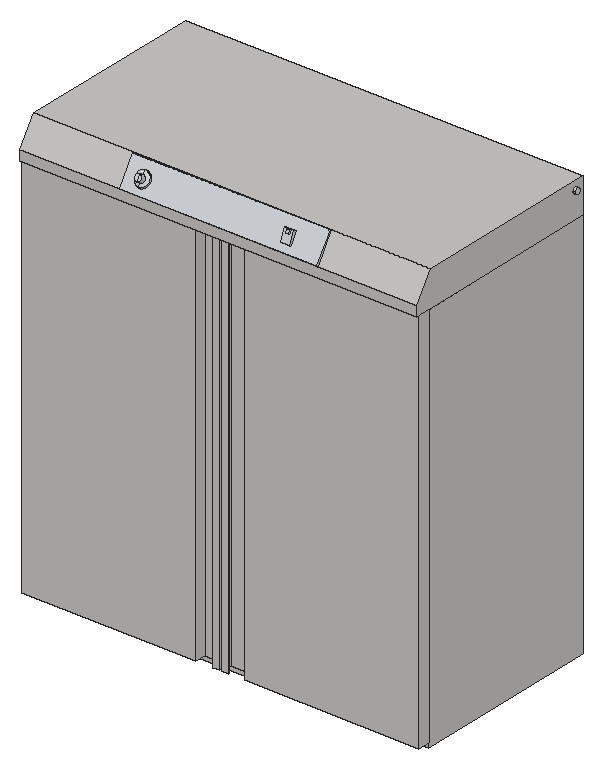
Revit family "BOURGEAT_amoire_chauffe_assiettes_double", category Equipement spécialisé, Revit 2015
Parameters
  URL catalogue = "http://www.bourgeat.fr"
  URL = ""
  Type de Raccord Electrique = ""
  Type article = ""
  Tension = 230 V
  Spécification du Fabricant = "ARMOIRES CHAUFFANTES A ASSIETTES"
  Remarques Electricité = ""
  Puissance électrique  = 1600 W
  Profondeur hors tout = 410 mm
  Poids net à vide = 50.00 kg
  Phase = 2
  Nature_isolant = "20mm laine de roche"
  Modèle = "799012"
  Longueur hors tout = 790 mm
  Intensité nominale = 6.95652 A
  Indice de protection = "IP20"
  Hauteur hors tout = 850 mm
  Fréquence = 50 Hz
  Fabricant = "BOURGEAT"
  Contact SAV = "0033(0)4.76.32.14.44"
  Charge max = 100.00 kg
Reference planes
  plane 1 "Centre (avant/arrière)": y = 0
  plane 2: z = 0
  plane 3 "Centre (gauche/droite)": x = 0
  plane 4: x = 396
  plane 5: x = -396
  plane 6: y = -384.5
  plane 7: z = 785
  plane 8: z = 10.3
  plane 9: x = 197.5
  plane 10: x = -197.5
  plane 11: through (-396, -384.5, 1200) normal (0.2588, 0.9659, 0)
Forms (mm)
  Extrusion 1, solid, material "Acier inoxydable, brossé"
    sketch origin (0, 0, 0) x (1, 0, 0) y (0, 1, 0)
      loop
        line (-396, 0) -> (-396, -384.5) -> (396, -384.5) -> (396, 0) -> (-396, 0)
    from 0 to 785
  Extrusion 2, solid
    sketch origin (0, 0, 0) x (0, 1, 0) y (0, 0, 1)
      loop
        circle (-19.924, 838.976) r 5
    from 396 to 402.906
Lines and regions (mm)
  symbolic lines
    curve 1: arc (-2, -384.5, 0) -> (-156.045, -697.002, 0) -> (-497.725, -765.142, 0) r 394
    curve 2: line (-396, -385.5, 0) -> (-497.725, -765.142, 0)
    curve 3: arc (2, -384.5, 0) -> (156.045, -697.002, 0) -> (497.725, -765.142, 0) r 394
    curve 4: line (396, -385.5, 0) -> (497.725, -765.142, 0)
Dimensions and locks
  equal spacing: plane 5, plane 3 "Centre (gauche/droite)", plane 4
  plane 5 to plane 4 = 792 mm
  aligned and locked: level to plane 2
  aligned and locked: plane 1 "Centre (avant/arrière)" to Extrusion 1 sketch curve
  aligned and locked: Extrusion 1 sketch curve to plane 5
  aligned and locked: plane 6 to Extrusion 1 sketch curve
  aligned and locked: Extrusion 1 sketch curve to plane 4
  aligned and locked: plane 7 to Extrusion 1
  aligned and locked: plane 4 to nested 2
  aligned and locked: nested 1 to plane 7
  aligned and locked: plane 8 to nested 3
  aligned and locked: nested 2 to plane 8
  aligned and locked: Extrusion 1 to nested 3
  aligned and locked: nested 2 to Extrusion 1
  aligned and locked: plane 1 "Centre (avant/arrière)" to nested 1
  aligned and locked: plane 6 to nested 2
Automatic sketch dimensions
  curve 2 to plane 5 = 0 mm
  curve 1 to plane 5 = 0 mm
  curve 1 to plane 6 = 0 mm
  curve 3 to plane 6 = 0 mm
  curve 3 to plane 4 = 0 mm
  curve 4 to plane 4 = 0 mm
  plane 5 to curve 2 = 101.725 mm
  plane 4 to curve 4 = 101.725 mm
  curve 2 to plane 6 = 380.642 mm
  curve 2 to curve 1 = 1 mm
  plane 1 "Centre (avant/arrière)" to Extrusion 2 sketch curve = 19.924 mm
  plane 7 to Extrusion 2 sketch curve = 53.976 mm
  curve 4 to plane 6 = 380.642 mm
  curve 4 to curve 3 = 1 mm
  radius of Extrusion 2 sketch curve = 5 mm
Nested families
  nested 1: "dessus_armoire_chauffe_assiettes_double" at (0, 0, 785), type "dessus_armoire_chauffe_assiettes_double"
  nested 2: "porte_chauffe_assiettes" at (199, -396.3, 10.3) x (-1, 0, 0) z (0, 0, 1), type "porte_chauffe_assiettes"
  nested 3: "porte_chauffe_assiettes" at (-199, -396.3, 10.3), type "porte_chauffe_assiettes"
  nested 4: "interface" at (0, 0, 0), type "interface"
Connectors
  electrical at (402.906, -19.924, 838.976)
    settings: on Extrusion 2, index 1, voltage 0 V, apparent load 0 VA, apparent load phase1 0 VA, apparent load phase2 0 VA, apparent load phase3 0 VA, power factor 1, load classification "Autre", number of poles 1, system type 30, power factor state 1, is connector primary yes, connector utility no, sub classification motor no, connector description ""
Definition of nested family "dessus_armoire_chauffe_assiettes_double"
  Reference planes
    plane 1 "Centre (avant/arrière)": y = 0
    plane 2: z = 0
    plane 3 "Centre (gauche/droite)": x = 0
    plane 4: z = 70
    plane 5: x = -396
    plane 6: y = -413
    plane 7: z = 19
    plane 8: y = -378
    plane 9: through (4267.2, -378, 70) normal (0, 0.8245, -0.5658)
    plane 10: x = 396
    plane 11: x = -396
  Forms (mm)
    Extrusion 1, solid
      sketch origin (0, 0, 0) x (0, 1, 0) y (0, 0, 1)
        loop
          line (-413, 0) -> (0, 0) -> (0, 70) -> (-378, 70) -> (-413, 19) -> (-413, 0)
      from 396 to -396
  Dimensions and locks
    equal spacing: plane 11, plane 3 "Centre (gauche/droite)", plane 10
    plane 11 to plane 10 = 792 mm
    aligned and locked: level to plane 2
    aligned and locked: plane 6 to Extrusion 1 sketch curve
    aligned and locked: plane 2 to Extrusion 1 sketch curve
    aligned and locked: plane 1 "Centre (avant/arrière)" to Extrusion 1 sketch curve
    aligned and locked: Extrusion 1 sketch curve to plane 4
    aligned and locked: Extrusion 1 sketch curve to plane 9
    aligned and locked: Extrusion 1 to plane 5
    aligned and locked: plane 11 to Extrusion 1
Definition of nested family "porte_chauffe_assiettes"
  Reference planes
    plane 1 "Centre (avant/arrière)": y = 0
    plane 2: z = 0
    plane 3 "Centre (gauche/droite)": x = 0
    plane 4: x = 197
    plane 5: x = -197
    plane 6: y = 11.8
    plane 7: y = -11.8
    plane 8: z = 773.6
    plane 9: x = 196
    plane 10: y = -10.8
    plane 11: y = 10.8
    plane 12: x = 183
    plane 13: x = 150.5
  Forms (mm)
    Extrusion 1, solid
      sketch origin (0, 0, 0) x (1, 0, 0) y (0, 1, 0)
        loop
          line (-197, 11.8) -> (-197, -11.8) -> (197, -11.8) -> (197, 11.8) -> (183, 11.8) -> (183, 10.8) -> (196, 10.8) -> (196, -10.8) -> (150.5, -10.8) -> (150.5, 11.8) -> (-197, 11.8)
      from 0 to 773.6
  Dimensions and locks
    aligned and locked: level to plane 2
    aligned and locked: Extrusion 1 sketch curve to plane 6
    aligned and locked: Extrusion 1 sketch curve to plane 5
    aligned and locked: Extrusion 1 sketch curve to plane 7
    aligned and locked: plane 8 to Extrusion 1
Definition of nested family "interface"
  Reference planes
    plane 1 "Centre (avant/arrière)": y = 0
    plane 2: z = 0
    plane 3 "Centre (gauche/droite)": x = 0
    plane 4: x = 396
    plane 5: x = -396
    plane 6: y = -384.5
    plane 7: z = 785
    plane 8: z = 10.3
    plane 9: x = 197.5
    plane 10: x = -197.5
  Forms (mm)
    Extrusion 1, solid
      sketch origin (0, -0.334, 0) x (0, 1, 0) y (0, 0, 1)
        loop
          line (-412.593, 804.593) -> (-378.318, 854.537) -> (-379.182, 855.129) -> (-413.457, 805.185) -> (-412.593, 804.593)
      from -197.5 to 197.5
  Dimensions and locks
    equal spacing: plane 5, plane 3 "Centre (gauche/droite)", plane 4
    plane 5 to plane 4 = 792 mm
    aligned and locked: level to plane 2
    aligned and locked: plane 10 to Extrusion 1
    aligned and locked: plane 9 to Extrusion 1
    aligned and locked: nested 1 to Extrusion 1
    aligned and locked: Extrusion 1 to nested 2
  Automatic sketch dimensions
    plane 6 to Extrusion 1 sketch curve = 4.984 mm
    Extrusion 1 sketch curve to Extrusion 1 sketch curve = 0.864 mm
    plane 7 to Extrusion 1 sketch curve = 69.537 mm
    Extrusion 1 sketch curve to Extrusion 1 sketch curve = 0.593 mm
    plane 7 to Extrusion 1 sketch curve = 19.593 mm
  Nested families
    nested 1: "bouton_rond_amoire_chauffe_assiettes" at (-162.5, -5.712, 42.365), type "bouton_rond_amoire_chauffe_assiettes"
    nested 2: "bouton_on_off" at (119.342, -12.816, 32.012), type "bouton_on_off"
  Definition of nested family "bouton_rond_amoire_chauffe_assiettes"
    Parameters (values of type "bouton_rond_amoire_chauffe_assiettes")
      Default Elevation = 1219.2 mm
    Reference planes
      plane 1 "Centre (avant/arrière)": y = 0
      plane 2: z = 0
      plane 3 "Centre (gauche/droite)": x = 0
      plane 4: x = 396
      plane 5: x = -396
      plane 6: y = -384.5
      plane 7: z = 785
      plane 8: z = 10.3
      plane 9: x = 197.5
      plane 10: x = -197.5
      plane 11: through (4267.2, -395.682, 831.574) normal (0, -0.5658, -0.8245)
    Forms (mm)
      Revolve 1, solid
        sketch origin (0, 3.067, -46.218) x (0, 1, 0) y (0, 0, 1)
          loop
            line (-395.682, 831.574) -> (-406.932, 839.294) -> (-410.717, 833.78) -> (-403.024, 828.501) -> (-405.588, 820.611) -> (-403.968, 819.499) -> (-395.682, 831.574)
          axis (-406.932, 839.294) -> (-395.682, 831.574)
        angle from 0 to 360
    Dimensions and locks
      equal spacing: plane 5, plane 3 "Centre (gauche/droite)", plane 4
      plane 5 to plane 4 = 792 mm
      aligned and locked: level to plane 2
    Automatic sketch dimensions
      plane 11 to Revolve 1 sketch curve = 36.372 mm  (x4)
      Revolve 1 sketch curve to plane 6 = 23.149 mm
      Revolve 1 sketch curve to Revolve 1 sketch curve = 3.785 mm
      Revolve 1 sketch curve to Revolve 1 sketch curve = 5.129 mm
      Revolve 1 sketch curve to Revolve 1 sketch curve = 1.62 mm
      Revolve 1 sketch curve to Revolve 1 sketch curve = 2.564 mm
      Revolve 1 sketch curve to Revolve 1 sketch curve = 7.342 mm
      Revolve 1 sketch curve to Revolve 1 sketch curve = 1.439 mm
      Revolve 1 sketch curve to Revolve 1 sketch curve = 4.717 mm
  Definition of nested family "bouton_on_off"
    Parameters (values of type "bouton_on_off")
      Default Elevation = 1219.2 mm
    Reference planes
      plane 1 "Centre (avant/arrière)": y = 0
      plane 2: z = 0
      plane 3 "Centre (gauche/droite)": x = 0
      plane 4: x = 396
      plane 5: x = -396
      plane 6: y = -384.5
      plane 7: z = 785
      plane 8: z = 10.3
      plane 9: x = 197.5
      plane 10: x = -197.5
      plane 11: through (4267.2, -400.118, 774.421) normal (0, -0.8245, 0.5658)
      plane 12: x = 10
      plane 13: x = 6.146
    Forms (mm)
      Extrusion 1, solid
        sketch origin (0, 0, 0) x (0, 1, 0) y (0, 0, 1)
          loop
            line (-392.858, 785) -> (-378.712, 805.613) -> (-385.074, 809.979) -> (-394.665, 786.24) -> (-392.858, 785)
        from 0 to 18.443
      Extrusion 2, solid
        sketch origin (0, 0, 0) x (0, 1, 0) y (0, 0, 1)
          loop
            line (-388.25, 802.118) -> (-385.839, 808.086) -> (-386.744, 808.452) -> (-389.155, 802.484) -> (-388.25, 802.118)
        from 13.008 to 7.073
    Dimensions and locks
      equal spacing: plane 5, plane 3 "Centre (gauche/droite)", plane 4
      plane 5 to plane 4 = 792 mm
      locked: plane 11 to plane 6 (angle 34.4608°)
      aligned and locked: level to plane 2
    Automatic sketch dimensions
      Extrusion 2 sketch curve to plane 6 = 4.655 mm
      Extrusion 2 sketch curve to plane 6 = 2.244 mm
      plane 7 to Extrusion 2 sketch curve = 17.484 mm
      Extrusion 2 sketch curve to Extrusion 2 sketch curve = 5.968 mm
      Extrusion 2 sketch curve to Extrusion 2 sketch curve = 0.905 mm
      Extrusion 1 sketch curve to plane 7 = 0 mm
      Extrusion 1 sketch curve to plane 11 = 0 mm  (x2)
      plane 7 to Extrusion 1 sketch curve = 1.24 mm
      plane 6 to Extrusion 1 sketch curve = 5.788 mm
      Extrusion 1 sketch curve to plane 6 = 0.574 mm
